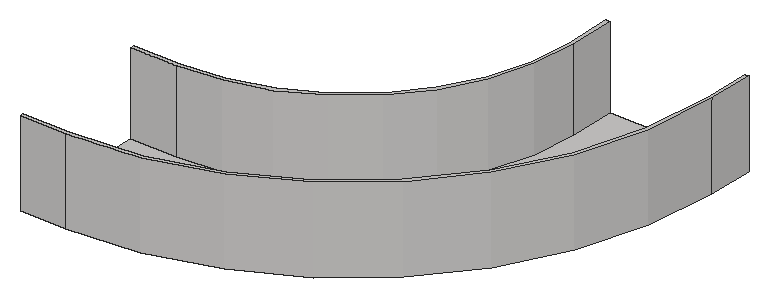
Revit family "Cable_Tray_Fitting-Modular_Channel_Tray-OBO_Bettermann-Channel_Horizontal_Bend-AZ", category Cable Tray Fittings, Revit 2012
Parameters (values of type "Hot Dipped Galvanised")
  URL = "http://www.obo-bettermann.com/"
  Type Comments = ""
  Tray Width [instance] = 100 mm
  Tray Height [instance] = 60 mm
  Tray Length [instance] = 31.75 mm
  built-in parameter 1140111 [instance] = 0.0084635 (stored number, unit not read)
  Product Page URL = "http://catalog1.obo-bettermann.com/catalogue/catalogue.do?favOid=kts_433413&act=showIO&lang=de&action=start&catId=KTS&forward=showSolutionView"
  Product Documentation Link = ""
  Pre Galvanized = no
  Model = "AZ"
  Manufacturer = "OBO Bettermann"
  Description = "Modular AZ Channel Tray"
  Connector Description 2 = "Connector for Cable Tray 2"  # constant formula
  Connector Description = "Connector for Cable Tray 1"  # constant formula
  Classification = "Refer to online Catalog for UL and cUL classifed sizes and wire sizes."
  Center to End [instance] = Bend Radius Label * tan(Angle / 2) + Tray Length  # 234.15 mm
  Cable Tray Material = Metal - OBO Bettermann - Hot-Dipped-Galvanised
  Bend Radius Label [instance] = if(Bend Radius_x > 3.175 mm, Bend Radius_x + Tray Width / 2, Tray Width / 2 + 3.175 mm)  # 202.4 mm
  Bend Radius_x [instance] = 152.4 mm
  Assembly Code = "D5030600"
  Angle [instance] = 90.00°
Types (2, lengths in mm): name | Cable Tray Material
  Strip Galvanised | Metal - OBO Bettermann - Strip-Galvanised
  Hot Dipped Galvanised | Metal - OBO Bettermann - Hot-Dipped-Galvanised
Reference planes
  plane 1 "Center (Front/Back)": y = 0
  plane 2: z = 0
  plane 3 "Center (Left/Right)": x = 0
  plane 4: y = 202.4
  plane 5: x = -234.15
  plane 6: x = -202.4
Forms (mm)
  Sweep 1, solid, material "Metal - OBO Bettermann - Hot-Dipped-Galvanised" <- "Cable Tray Material", detail levels medium
    path in 3D
      loop
        line (-234.15, 0, 0) -> (-202.4, 0, 0)
        arc (-202.4, 0, 0) -> (-59.282, 59.282, 0) -> (0, 202.4, 0) r 202.4
        line (0, 202.4, 0) -> (0, 234.15, 0)
    profile "Cable Tray - Channel 2 : Channel" origin (-218.275, 0, 0) x (0, 1, 0) y (0, 0, 1)
      loop
        line (-50, 30) -> (-50, -30) -> (50, -30) -> (50, 30) -> (-50, 30)
  Sweep 2, solid, material "Metal - OBO Bettermann - Hot-Dipped-Galvanised" <- "Cable Tray Material", detail levels fine
    path in 3D
      loop
        line (-234.15, 0, 0) -> (-202.4, 0, 0)
        arc (-202.4, 0, 0) -> (-59.282, 59.282, 0) -> (0, 202.4, 0) r 202.4
        line (0, 202.4, 0) -> (0, 234.15, 0)
    profile "Cable Tray - Channel 1 : Channel" origin (-218.275, 0, 0) x (0, 1, 0) y (0, 0, 1)
      loop
        line (-50, 30) -> (-50, -30) -> (50, -30) -> (50, 30) -> (47.42, 30) -> (47.42, -27.42) -> (-47.42, -27.42) -> (-47.42, 30) -> (-50, 30)
Lines and regions (mm)
  model lines, style "Coarse View", detail levels coarse
    curve 1: arc (-202.4, 0, 0) -> (-59.282, 59.282, 0) -> (0, 202.4, 0) r 202.4
    curve 2: line (-234.15, 0, 0) -> (-202.4, 0, 0)
    curve 3: line (0, 202.4, 0) -> (0, 234.15, 0)
  sketch lines
    curve 4: line (-234.15, 0, 0) -> (-202.4, 0, 0)
    curve 5: arc (-202.4, 0, 0) -> (-59.282, 59.282, 0) -> (0, 202.4, 0) r 202.4
    curve 6: line (0, 202.4, 0) -> (0, 234.15, 0)
    curve 7: line (-234.15, 0, 0) -> (-202.4, 0, 0)
    curve 8: arc (-202.4, 0, 0) -> (-59.282, 59.282, 0) -> (0, 202.4, 0) r 202.4
    curve 9: line (0, 202.4, 0) -> (0, 234.15, 0)
Dimensions and locks
  "Bend Radius Label": plane 4 to plane 1 "Center (Front/Back)"
  "Center to End": plane 5 to plane 3 "Center (Left/Right)"
  "Tray Length": plane 5 to plane 6
  "Tray Length": curve 3 to curve 3
  "Bend Radius Label": radius of curve 1
  "Angle": angle curve 1 to curve 1
  "Angle": angle plane 1 "Center (Front/Back)" to curve 3
  aligned and locked: plane 6 to curve 1
  aligned and locked: plane 4 to curve 1
  aligned and locked: plane 5 to curve 2
  aligned and locked: plane 6 to curve 2
  aligned and locked: plane 1 "Center (Front/Back)" to curve 2
Connectors
  cabletrayconduit at (-234.15, 0, 0), driven by "Tray Height", driven by "Tray Width", driven by "Angle", driven by "Connector Description"
    settings: on Sweep 1, index 1, connector width 100 mm, connector height 60 mm, connector radius 304.8 mm, connector angle 90.00°, system type 32, placement type 0, profile type 1, connector reference index 2, is primary connector yes, connector utility param no, connector description "Connector for Cable Tray 1"
  cabletrayconduit at (0, 234.15, 0), driven by "Tray Height", driven by "Tray Width", driven by "Angle", driven by "Connector Description 2"
    settings: on Sweep 1, index 2, connector width 100 mm, connector height 60 mm, connector radius 304.8 mm, connector angle 90.00°, system type 32, placement type 0, profile type 1, connector reference index 1, is primary connector no, connector utility param no, connector description "Connector for Cable Tray 2"
